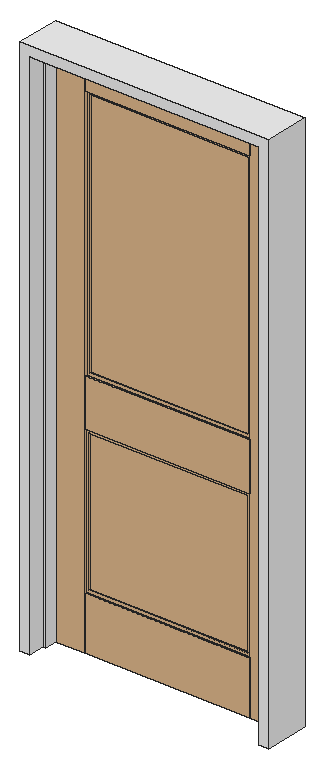
Revit family
Parameters (values of type "1 3/8" Flat Panel")
  URL = "http://www.karonadoor.com"
  Thickness Note = "Do not edit thickness."  # constant formula
  Thickness = 1.334"
  Swing Angle 2D = 90.00°
  SmartBIM Object Version = 1.1  # constant formula
  SmartBIM Object Created By = "Reed Construction Data"  # constant formula
  Rough Width = 0.000"
  Rough Height = 0.000"
  Panel = Panel_K4010_Karona : 1 3/8" - Flat Panel
  Model = "K4010 Mission"  # constant formula
  Manufacturer = "Karona , Inc."  # constant formula
  Detail Door Thickness = 1.375"
  Assembly Code = ""
  Top Rail Height = 5.000"
  Top Rail = Wood, Cherry - Grain Horizontal
  Stile Width = 5.063"
  Stile = Wood, Cherry - Grain Vertical
  Sticking = Wood, Cherry - Grain Vertical
  Middle Rail = Wood, Cherry - Grain Horizontal
  Height = 84.000"
  Wall Closure = (empty or 0)
  Width = 36.000"
  Frame = Metal
  Bottom Rail Height = 8.500"
  Bottom Rail = Wood, Cherry - Grain Horizontal
  95 CSI = "08210"  # constant formula
  04 CSI = "08 14 33"  # constant formula
Types (9): name | Thickness | Rough Height | Panel | Detail Door Thickness
  1 3/4" Flat Panel | 1.774" | 1.750" | Panel_K4010_Karona : 1 3/4" - Flat Panel | 1.750"
  1 3/8" Flat Panel | 1.334" | 0.000" | Panel_K4010_Karona : 1 3/8" - Flat Panel | 1.375"
  2 1/4" Flat Panel | 2.250" | 0.000" | Panel_K4010_Karona : 2 1/4" - Flat Panel | 2.250"
  1 3/4" Glass Panel | 1.774" | 1.750" | Panel_K4010_Karona : 1 3/4" - Glass Panel | 1.750"
  1 3/8" Glass Panel | 1.334" | 0.000" | Panel_K4010_Karona : 1 3/8" - Glass Panel | 1.375"
  2 1/4" Glass Panel | 2.250" | 0.000" | Panel_K4010_Karona : 2 1/4" - Glass | 2.250"
  1 3/4" Raised Panel | 1.774" | 1.750" | Panel_K4010_Karona : 1 3/4" - Raised Panel | 1.750"
  1 3/8" Raised Panel | 1.334" | 0.000" | Panel_K4010_Karona : 1 3/8" - Raised Panel | 1.375"
  2 1/4" Raised Panel | 2.250" | 0.000" | Panel_K4010_Karona : 2 1/4" - Raised Panel | 2.250"
Reference planes (in)
  plane 1 "Center (Front/Back)": y = 0
  plane 2 "Center (Left/Right)": x = 0
  plane 3 "Left": x = -18
  plane 4 "Right": x = 18
  plane 5 "Top": z = 84
  plane 6 "Exterior Edge of Frame": y = 3.5
  plane 7 "Interior Edge of Frame": y = -3.5
  plane 8: y = 1
  plane 9: y = -1
  plane 10 "Opening Left": x = -19.5
  plane 11 "Opening Right": x = 19.5
  plane 12 "Top of Opening": z = 85.5
  plane 13: x = -17.5
Forms (in)
  Sweep 1, solid, material "Metal" <- "Frame"
    path origin (0, 0, 0) x (1, 0, 0) y (0, 0, 1)
      loop
        line (-19.5, 0) -> (-19.5, 85.5) -> (19.5, 85.5) -> (19.5, 0)
    profile origin (-19.5, 0, 42.75) x (-1, 0, 0) y (0, -1, 0)
      loop
        line (0, -3.5) -> (0, 3.5) -> (-1.5, 3.5) -> (-1.5, 1) -> (-2, 1) -> (-2, -1) -> (-1.5, -1) -> (-1.5, -3.5) -> (0, -3.5)
Lines and regions (in)
  Opening 1
    outline origin (-90, -3, 0) x (1, 0, 0) y (0, 0, 1)
      loop
        line (70.5, 0) -> (109.5, 0) -> (109.5, 85.5) -> (70.5, 85.5) -> (70.5, 0)
  symbolic lines, style "Elevation Swing"
    curve 1: line (18, 3, 0) -> (-18, 3, 42)
    curve 2: line (-18, 3, 42) -> (18, 3, 84)
Text (in)
  text "Exterior" at (-46.13199, 20.20143, 0), in view "Ref. Level"
  text "Interior" at (-46.13199, -10.56751, 0), in view "Ref. Level"
  text "Exterior" at (0, 40.15149, 123.01588), in view "Right"
  text "Interior" at (0, -64.39139, 123.01588), in view "Right"
  text "Interior" at (0, -31.01599, 123.00693), in view "Left"
  text "Exterior" at (0, 54.57065, 123.00693), in view "Left"
Dimensions and locks (in)
  "Height": level to plane 5 "Top"
  "Width": plane 3 "Left" to plane 4 "Right"
  equal spacing: host wall, curve 2, plane 5 "Top"
  locked: host wall to plane 7 "Interior Edge of Frame" at 0.5
  locked: plane 6 "Exterior Edge of Frame" to host wall at 0.5
  locked: plane 9 to plane 7 "Interior Edge of Frame" at 2.5
  locked: plane 6 "Exterior Edge of Frame" to plane 8 at 2.5
  equal spacing: plane 3 "Left", plane 2 "Center (Left/Right)", plane 4 "Right"
  locked: plane 4 "Right" to plane 11 "Opening Right" at 1.5
  locked: plane 5 "Top" to plane 12 "Top of Opening" at 1.5
  locked: plane 3 "Left" to plane 13 at 0.5
  locked: plane 10 "Opening Left" to plane 3 "Left" at 1.5
  aligned and locked: Opening 1 sketch curve to level
  aligned and locked: plane 4 "Right" to curve 1
  aligned and locked: plane 3 "Left" to curve 1
  aligned and locked: plane 5 "Top" to curve 2
  aligned and locked: Opening 1 sketch curve to plane 11 "Opening Right"
  aligned and locked: plane 12 "Top of Opening" to Opening 1 sketch curve
  aligned and locked: Opening 1 sketch curve to plane 10 "Opening Left"
  aligned and locked: plane 10 "Opening Left" to Sweep 1 sketch curve
  aligned and locked: plane 12 "Top of Opening" to Sweep 1 sketch curve
  aligned and locked: plane 11 "Opening Right" to Sweep 1 sketch curve
  aligned and locked: level to Sweep 1 sketch curve  (x2)
  aligned and locked: Sweep 1 sketch curve to plane 10 "Opening Left"
  aligned and locked: Sweep 1 sketch curve to plane 6 "Exterior Edge of Frame"
  aligned and locked: Sweep 1 sketch curve to plane 7 "Interior Edge of Frame"
  aligned and locked: Sweep 1 sketch curve to plane 8
  aligned and locked: Sweep 1 sketch curve to plane 9
  aligned and locked: plane 13 to Sweep 1 sketch curve
  aligned and locked: plane 3 "Left" to Sweep 1 sketch curve  (x2)
  aligned and locked: nested 1 to plane 2 "Center (Left/Right)"
  aligned and locked: nested 2 to plane 3 "Left"
  aligned and locked: nested 2 to plane 8
  aligned and locked: nested 1 to plane 8
Automatic sketch dimensions
  curve 1 to level = 0.000"
  curve 2 to plane 4 "Right" = 0.000"
Nested families (in)
  nested 1: "Panel_K4010_Karona" at (-13.5, 0.5595, 0) x (-1, 0, 0) z (0, 0, 1), type <- "Panel", type "1 3/8" - Flat Panel"
    with Stile Width 5.063", Panel Width 25.874"
  nested 2: "Door Panel Plan View" at (-31.5, 1, 0) x (-1, 0, 0) z (0, 0, 1), type "Door Panel Plan View"
    with Thickness 1.375", Height 84.000"
Definition of nested family "Panel_K4010_Karona"
  Parameters (values of type "1 3/4" - Flat Panel")
    Width = 36.000"
    Top Rail Material = Wood, Cherry - Grain Horizontal
    Top Rail Height = 5.000"
    Top Panel Offset = 27.175"
    Thickness Note = "Do not change door thickness"  # constant formula
    Thickness = 1.774"
    Stile Width = 5.063"
    Stile Material = Wood, Cherry - Grain Vertical
    Sticking Material = Wood, Cherry - Grain Vertical
    Panel Width = (Width - (2 * Stile Width))  # 25.874"
    Panel Height = (Height - (Bottom Rail Height + Top Rail Height + Bottom Panel Height + Lock Rail Width))  # 40.000"
    Panel = Glass-Sticking-Assembly-Mission_Karona : Flat Panel
    Lock Rail Width = 7.500"
    Lock Rail Height = 39.000"
    Interior Panel = Wood, Cherry - Grain Vertical
    Height = 84.000"
    Exterior Edge - Glass Bottom Offset = if(Thickness = 1.774", 0.567", if(Thickness = 2.250", 0.803", 0.469"))  # 0.567"
    Door Panel Material = Wood, Cherry - Grain Vertical
    Default Elevation = 0.000"  # constant formula
    Bottom Rail Material = Wood, Cherry - Grain Horizontal
    Bottom Rail Height = 8.500"
    Bottom Panel Height = Lock Rail Height - (Bottom Rail Height + Lock Rail Width)  # 23.000"
    Assembly Code = ""
  Types (9): name | Top Panel Offset | Thickness | Stile Width | Panel Width | Panel | Interior Panel | Exterior Edge - Glass Bottom Offset
    2 1/4" - Flat Panel | 27.250" | 2.250" | 5.250" | 25.500" | Glass-Sticking-Assembly-Mission_Karona : Flat Panel | Wood, Cherry - Grain Vertical | 0.803"
    2 1/4" - Glass | 27.175" | 2.250" | 5.250" | 25.500" | Glass-Sticking-Assembly-Mission_Karona : Glass Panel | Glass | 0.803"
    2 1/4" - Raised Panel | 27.175" | 2.250" | 5.250" | 25.500" | Glass-Sticking-Assembly-Mission_Karona : Raised Panel | Wood, Cherry - Grain Vertical | 0.803"
    1 3/4" - Raised Panel | 27.175" | 1.774" | 5.250" | 25.500" | Glass-Sticking-Assembly-Mission_Karona : Raised Panel | Wood, Cherry - Grain Vertical | 0.567"
    1 3/4" - Flat Panel | 27.175" | 1.774" | 5.063" | 25.874" | Glass-Sticking-Assembly-Mission_Karona : Flat Panel | Wood, Cherry - Grain Vertical | 0.567"
    1 3/4" - Glass Panel | 27.175" | 1.774" | 5.250" | 25.500" | Glass-Sticking-Assembly-Mission_Karona : Glass Panel | Glass | 0.567"
    1 3/8" - Raised Panel | 27.175" | 1.334" | 5.250" | 25.500" | Glass-Sticking-Assembly-Mission_Karona : Raised Panel | Wood, Cherry - Grain Vertical | 0.469"
    1 3/8" - Glass Panel | 27.175" | 1.334" | 5.250" | 25.500" | Glass-Sticking-Assembly-Mission_Karona : Glass Panel | Glass | 0.469"
    1 3/8" - Flat Panel | 27.175" | 1.334" | 5.250" | 25.500" | Glass-Sticking-Assembly-Mission_Karona : Flat Panel | Wood, Cherry - Grain Horizontal | 0.469"
  Reference planes (in)
    plane 1 "Center (Front/Back)": y = 1.2295
    plane 2: z = 0
    plane 3 "Center (Left/Right)": x = -13.5
    plane 4 "Left": x = -31.5
    plane 5: x = 4.5
    plane 6 "Inner Left": x = -26.437
    plane 7 "Inner Right": x = -0.563
    plane 8: z = 8.5
    plane 9 "Bottom Of Top Rail": z = 79
    plane 10 "Top": z = 84
    plane 11 "Interior Edge of Door": y = 2.1165
    plane 12: z = 79
    plane 13 "Exterior Edge of Door": y = 0.3425
    plane 14 "Bottom of Glass": y = 0.9095
    plane 15 "Cross Rail Bottom": z = 42
    plane 16: z = 39
    plane 17: z = 31.5
    plane 18: z = 35.25
    plane 19: z = 20
  Forms (in)
    Extrusion 1, solid, material "Wood, Cherry - Grain Horizontal" <- "Bottom Rail Material"
      sketch origin (0, -101.3125, 0) x (1, 0, 0) y (0, 0, 1)
        loop
          line (-26.437, 0) -> (-0.563, 0) -> (-0.563, 8.5) -> (-26.437, 8.5) -> (-26.437, 0)
      from -103.429 to -101.655
    Extrusion 2, solid, material "Wood, Cherry - Grain Vertical" <- "Stile Material"
      sketch origin (0, 1.2295, 0) x (1, 0, 0) y (0, 0, 1)
        loop
          line (-31.5, 84) -> (-31.5, 0) -> (-26.437, 0) -> (-26.437, 84) -> (-31.5, 84)
        loop
          line (-0.563, 0) -> (4.5, 0) -> (4.5, 84) -> (-0.563, 84) -> (-0.563, 0)
      from -0.887 to 0.887
    Extrusion 3, solid, material "Wood, Cherry - Grain Horizontal" <- "Top Rail Material"
      sketch origin (0, 1.2295, 0) x (1, 0, 0) y (0, 0, 1)
        loop
          line (-26.437, 84) -> (-26.437, 79) -> (-0.563, 79) -> (-0.563, 84) -> (-26.437, 84)
      from -0.887 to 0.887
    Extrusion 4, solid, material "Wood, Cherry - Grain Horizontal" <- "Bottom Rail Material"
      sketch origin (0, 1.2295, 0) x (1, 0, 0) y (0, 0, 1)
        loop
          line (-26.437, 39) -> (-26.437, 31.5) -> (-0.563, 31.5) -> (-0.563, 39) -> (-26.437, 39)
      from -0.887 to 0.887
  Text (in)
    text "EXTERIOR" at (-34.59289, -1.27941, 0), in view "Ref. Level"
    text "EXTERIOR" at (0, -9.65287, 72.76687), in view "Left"
    text "EXTERIOR" at (0, -33.33473, 96.68074), in view "Right"
  Dimensions and locks (in)
    equal spacing: plane 4 "Left", plane 3 "Center (Left/Right)", plane 5
    "Width": plane 4 "Left" to plane 5
    "Stile Width": plane 4 "Left" to plane 6 "Inner Left"
    "Stile Width": plane 5 to plane 7 "Inner Right"
    "Bottom Rail Height": plane 8 to plane 2
    "Top Rail Height": plane 10 "Top" to plane 9 "Bottom Of Top Rail"
    "Height": plane 10 "Top" to plane 2
    equal spacing: plane 11 "Interior Edge of Door", plane 1 "Center (Front/Back)", plane 13 "Exterior Edge of Door"
    "Thickness": plane 11 "Interior Edge of Door" to plane 13 "Exterior Edge of Door"
    "Exterior Edge - Glass Bottom Offset": plane 14 "Bottom of Glass" to plane 13 "Exterior Edge of Door"
    "Exterior Edge - Glass Bottom Offset": plane 13 "Exterior Edge of Door" to plane 14 "Bottom of Glass"
    equal spacing: plane 10 "Top", plane 15 "Cross Rail Bottom", level
    "Lock Rail Width": plane 16 to plane 17
    equal spacing: plane 16, plane 18, plane 17
    "Lock Rail Height": plane 16 to level
    equal spacing: plane 17, plane 19, plane 8
    aligned and locked: Extrusion 1 to plane 2
    aligned and locked: plane 11 "Interior Edge of Door" to Extrusion 1
    aligned and locked: plane 4 "Left" to Extrusion 2 sketch curve
    aligned and locked: Extrusion 2 sketch curve to plane 10 "Top"
    aligned and locked: Extrusion 2 sketch curve to Extrusion 1  (x3)
    aligned and locked: Extrusion 1 to Extrusion 2 sketch curve
    aligned and locked: plane 10 "Top" to Extrusion 2 sketch curve
    aligned and locked: plane 5 to Extrusion 2 sketch curve
    aligned and locked: plane 11 "Interior Edge of Door" to Extrusion 2
    aligned and locked: Extrusion 2 to Extrusion 3 sketch curve
    aligned and locked: Extrusion 3 sketch curve to Extrusion 2
    aligned and locked: plane 11 "Interior Edge of Door" to Extrusion 3
    aligned and locked: plane 12 to plane 9 "Bottom Of Top Rail"
    aligned and locked: level to plane 2
    aligned and locked: Extrusion 3 to plane 13 "Exterior Edge of Door"
    aligned and locked: Extrusion 3 to plane 11 "Interior Edge of Door"
    aligned and locked: Extrusion 2 to plane 13 "Exterior Edge of Door"
    aligned and locked: Extrusion 3 to plane 12
    aligned and locked: Extrusion 1 to Extrusion 2
    aligned and locked: nested 1 to plane 1 "Center (Front/Back)"
    aligned and locked: plane 3 "Center (Left/Right)" to nested 2
    aligned and locked: plane 3 "Center (Left/Right)" to nested 1
    aligned and locked: nested 2 to plane 16
    aligned and locked: Extrusion 4 sketch curve to plane 16
    aligned and locked: Extrusion 4 sketch curve to plane 17
    aligned and locked: Extrusion 4 sketch curve to plane 6 "Inner Left"
    aligned and locked: Extrusion 4 sketch curve to plane 7 "Inner Right"
    aligned and locked: plane 11 "Interior Edge of Door" to Extrusion 4
    aligned and locked: Extrusion 4 to plane 13 "Exterior Edge of Door"
    aligned and locked: plane 19 to nested 1
  Automatic sketch dimensions
    Extrusion 1 sketch curve to plane 6 "Inner Left" = 0.000"
    Extrusion 1 sketch curve to plane 7 "Inner Right" = 0.000"
    Extrusion 1 sketch curve to level = 0.000"
    Extrusion 1 sketch curve to plane 8 = 0.000"
    Extrusion 3 sketch curve to plane 7 "Inner Right" = 0.000"
    plane 9 "Bottom Of Top Rail" to Extrusion 3 sketch curve = 0.000"
  Nested families (in)
    nested 1: "Glass-Sticking-Assembly-Mission_Karona" at (-13.96875, 1.38, 8.5), Width <- "Panel Width", Height <- "Bottom Panel Height", type <- "Panel", type "Flat Panel"
      with Width 25.874", Height 23.000", Stop Adjustment 0.513", Door Thickness 1.774", C 0.200", B 0.567", A 0.197"
    nested 2: "Glass-Sticking-Assembly-Mission_Karona" at (-13.96875, 1.3804, 39), Width <- "Panel Width", Height <- "Panel Height", type <- "Panel", type "Flat Panel"
      with Width 25.874", Height 40.000", Stop Adjustment 0.513", Door Thickness 1.774", C 0.200", B 0.567", A 0.197"
  Definition of nested family "Glass-Sticking-Assembly-Mission_Karona"
    Parameters (values of type "Glass Panel")
      Width [instance] = 19.000"
      Stop Adjustment = if(and(not(Glass Panel), Door Thickness = 1.774"), 0.513", if(and(not(Glass Panel), Door Thickness = 2.250"), 0.513", if((Glass Panel), 0.125", 0.273")))  # 0.125"
      Profile = Wood, Cherry - Grain Vertical
      Height [instance] = 23.000"
      Raised Panel = no
      Interior Panel = Wood, Cherry - Grain Vertical
      Glass Panel = yes
      Door Thickness = 2.250"
      C = if(Door Thickness = 1.774", 0.200", if(Door Thickness = 2.250", 0.439", 0.191"))  # 0.439"
      B = if(Door Thickness = 1.774", 0.567", if(Door Thickness = 2.250", 0.803", 0.469"))  # 0.803"
      Assembly Code = ""
      A = if(Door Thickness = 1.774", 0.197", if(Door Thickness = 2.250", 0.433", 0.194"))  # 0.433"
    Types (3): name | Width | Stop Adjustment | Height | Raised Panel | Glass Panel | Door Thickness | C | B | A
      Glass Panel | 19.000" | 0.125" | 23.000" | no | yes | 2.250" | 0.439" | 0.803" | 0.433"
      Flat Panel | 4.500" | 0.273" | 23.000" | no | no | 1.334" | 0.191" | 0.469" | 0.194"
      Raised Panel | 4.000" | 0.513" | 4.000" | yes | no | 2.250" | 0.439" | 0.803" | 0.433"
    Reference planes (in)
      plane 1 "Stop Adjustment Edge": y = -0.3455
      plane 2: z = 0
      plane 3 "Center (Left/Right)": x = 0.46875
      plane 4 "Back": y = 0.9765
      plane 5 "Front": y = -1.2735
      plane 6 "Left": x = -9.03125
      plane 7 "Right": x = 9.96875
      plane 8 "Top": z = 23
      plane 9 "Center (Up/Down)": z = 11.5
      plane 10 "Bottom of Stop": y = -0.2205
      plane 11 "Bottom of Glass": y = -0.4705
      plane 12 "Right Edge of Glass": x = 9.91875
      plane 13 "Left Edge of Glass": x = -8.98125
      plane 14 "Top Edge of Glass": z = 22.90625
      plane 15 "Bottom Edge of Glass": z = 0.09375
      plane 16: x = 9.84375
      plane 17: x = 9.40625
      plane 18 "A": y = -0.8405
      plane 19 "C": y = 0.5375
      plane 20: z = 0.438
      plane 21: z = 22.562
      plane 22: x = -8.59325
      plane 23: x = 9.53075
      plane 24 "Center (Front/Back)": y = -0.1485
    Forms (in)
      Sweep 1, solid, material "Wood, Cherry - Grain Vertical" <- "Profile"
        path origin (0, -0.3455, 0) x (1, 0, 0) y (0, 0, 1)
          loop
            line (9.96875, 23) -> (-9.03125, 23) -> (-9.03125, 0) -> (9.96875, 0) -> (9.96875, 23)
        profile origin (9.96875, -0.3455, 11.5) x (0, -1, 0) y (1, 0, 0)
          loop
            line (-0.883, 0) -> (-0.883, -0.438) -> (-0.125, -0.438) -> (-0.125, -0.05) -> (0.125, -0.05) -> (0.125, -0.438) -> (0.495, -0.438) -> (0.495, 0) -> (-0.883, 0)
      Extrusion 2, solid, material "Wood, Cherry - Grain Vertical" <- "Interior Panel"
        sketch origin (0, 0, 0) x (1, 0, 0) y (0, 1, 0)
          loop
            line (-8.98125, -0.2205) -> (-8.98125, -0.4705) -> (9.91875, -0.4705) -> (9.91875, -0.2205) -> (-8.98125, -0.2205)
        from 0.09375 to 22.90625
      Extrusion 3, solid, material "Wood, Cherry - Grain Vertical" <- "Profile", visible <- "Raised Panel"
        sketch origin (0, 0, 0) x (1, 0, 0) y (0, 1, 0)
          loop
            line (9.53075, 0.5375) -> (-8.59325, 0.5375) -> (-8.59325, -0.2205) -> (9.53075, -0.2205) -> (9.53075, 0.5375)
          loop
            line (-8.59325, -0.4705) -> (-8.59325, -0.8405) -> (9.53075, -0.8405) -> (9.53075, -0.4705) -> (-8.59325, -0.4705)
        from 0.438 to 22.562
      Sweep 4, void
        path origin (0, -0.2205, 0) x (-1, 0, 0) y (0, 0, 1)
          loop
            line (9.03125, 0) -> (9.03125, 23) -> (-9.96875, 23) -> (-9.96875, 0) -> (9.03125, 0)
        profile "Profile : 05" origin (-9.03125, -0.2205, 11.5) x (1, 0, 0) y (0, 1, 0)
          loop
            line (0, 0.05) -> (0.36169, 0.05096)
            arc (0.36169, 0.05096) -> (1.01257, 0.13642) -> (1.61934, 0.387) r 2.52143
            line (1.61934, 0.387) -> (0, 0.387) -> (0, 0.05)
      Sweep 5, void
        path origin (0, -0.4705, 0) x (-1, 0, 0) y (0, 0, 1)
          loop
            line (-9.96875, 23) -> (-9.96875, 0) -> (9.03125, 0) -> (9.03125, 23) -> (-9.96875, 23)
        profile "Profile : 05" origin (9.96875, -0.4705, 11.5) x (-1, 0, 0) y (0, 1, 0)
          loop
            line (0, -0.05) -> (0, -0.387) -> (1.61934, -0.387)
            arc (1.61934, -0.387) -> (1.01257, -0.13642) -> (0.36169, -0.05096) r 2.52143
            line (0.36169, -0.05096) -> (0, -0.05)
    Cuts and joins
      Sweep 4, Sweep 5 cuts Extrusion 3
    Text (in)
      text "INTERIOR" at (-14.3788, 3.49864, 0), in view "Ref. Level"
    Dimensions and locks (in)
      equal spacing: plane 6 "Left", plane 3 "Center (Left/Right)", plane 7 "Right"
      "Width": plane 6 "Left" to plane 7 "Right"
      "Door Thickness": plane 4 "Back" to plane 5 "Front"
      "Height": plane 8 "Top" to plane 2
      equal spacing: plane 8 "Top", plane 9 "Center (Up/Down)", level
      locked: plane 1 "Stop Adjustment Edge" to plane 11 "Bottom of Glass" at 0.125
      "Stop Adjustment": plane 10 "Bottom of Stop" to plane 1 "Stop Adjustment Edge"
      locked: plane 12 "Right Edge of Glass" to plane 7 "Right" at 0.05
      locked: plane 8 "Top" to plane 14 "Top Edge of Glass" at 0.09375
      locked: plane 15 "Bottom Edge of Glass" to level at 0.09375
      locked: plane 6 "Left" to plane 13 "Left Edge of Glass" at 0.05
      "B": plane 5 "Front" to plane 11 "Bottom of Glass"
      locked: plane 16 to plane 7 "Right" at 0.125
      "A": plane 5 "Front" to plane 18 "A"
      "C": plane 19 "C" to plane 4 "Back"
      plane 4 "Back" to Sweep 1 = 1.197"
      locked: plane 20 to level at 0.438
      locked: plane 8 "Top" to plane 21 at 0.438
      locked: plane 6 "Left" to plane 22 at 0.438
      locked: plane 23 to plane 7 "Right" at 0.438
      equal spacing: plane 4 "Back", plane 24 "Center (Front/Back)", plane 5 "Front"
      aligned and locked: Sweep 1 sketch curve to plane 7 "Right"
      aligned and locked: Sweep 1 sketch curve to plane 8 "Top"
      aligned and locked: Sweep 1 sketch curve to plane 6 "Left"
      aligned and locked: Sweep 1 sketch curve to level
      aligned and locked: plane 7 "Right" to Sweep 1 sketch curve
      aligned and locked: plane 10 "Bottom of Stop" to Sweep 1 sketch curve
      aligned and locked: plane 11 "Bottom of Glass" to Sweep 1 sketch curve
      aligned and locked: plane 18 "A" to Sweep 1 sketch curve
      aligned and locked: Sweep 1 sketch curve to plane 19 "C"
      aligned and locked: Extrusion 2 sketch curve to plane 13 "Left Edge of Glass"
      aligned and locked: Extrusion 2 sketch curve to plane 10 "Bottom of Stop"
      aligned and locked: Extrusion 2 sketch curve to plane 11 "Bottom of Glass"
      aligned and locked: Extrusion 2 sketch curve to plane 12 "Right Edge of Glass"
      aligned and locked: plane 14 "Top Edge of Glass" to Extrusion 2
      aligned and locked: Extrusion 2 to plane 15 "Bottom Edge of Glass"
      aligned and locked: Extrusion 3 sketch curve to plane 19 "C"
      aligned and locked: Extrusion 3 sketch curve to plane 10 "Bottom of Stop"
      aligned and locked: Extrusion 3 sketch curve to plane 11 "Bottom of Glass"
      aligned and locked: Extrusion 3 sketch curve to plane 18 "A"
      aligned and locked: Extrusion 3 to plane 20
      aligned and locked: Extrusion 3 to plane 21
      aligned and locked: plane 12 "Right Edge of Glass" to Sweep 1 sketch curve
      aligned and locked: plane 23 to Extrusion 3 sketch curve  (x2)
      aligned and locked: Extrusion 3 sketch curve to plane 22  (x2)
      aligned and locked: plane 23 to Sweep 1 sketch curve  (x2)
      aligned and locked: Sweep 5 sketch curve to plane 6 "Left"
      aligned and locked: plane 8 "Top" to Sweep 5 sketch curve
      aligned and locked: Sweep 5 sketch curve to plane 7 "Right"
      aligned and locked: level to Sweep 5 sketch curve
      aligned and locked: Sweep 4 sketch curve to plane 7 "Right"
      aligned and locked: plane 8 "Top" to Sweep 4 sketch curve
      aligned and locked: Sweep 4 sketch curve to plane 6 "Left"
      aligned and locked: level to Sweep 4 sketch curve
Definition of nested family "Door Panel Plan View"
  Parameters (values of type "Door Panel Plan View")
    Width = 36.000"
    Thickness = 2.000"
    Swing Angle 2D = 90.00°
    Height = 0.000"
    Assembly Code = ""
  Reference planes (in)
    plane 1 "Center (Front/Back)": y = 0
    plane 2: z = 0
    plane 3 "Center (Left/Right)": x = -13.5
  Lines and regions (in)
    symbolic lines, style "DoorsPanelProjection"
      curve 1: line (-13.5, 0, 0) -> (-13.5, 36, 0)
      curve 2: line (-15.5, 0, 0) -> (-15.5, 36, 0)
      curve 3: line (-13.5, 0, 0) -> (-15.5, 0, 0)
      curve 4: line (-13.5, 36, 0) -> (-15.5, 36, 0)
    symbolic lines, style "Plan Swing"
      curve 5: arc (-13.5, 36, 0) -> (-38.95584, 25.45584, 0) -> (-49.5, 0, 0) r 36
  Dimensions and locks (in)
    "Width": curve 4 to curve 3
    "Thickness": curve 1 to curve 2
    "Swing Angle 2D": angle curve 1 to plane 1 "Center (Front/Back)"
    aligned and locked: plane 1 "Center (Front/Back)" to curve 5
  Automatic sketch dimensions
    curve 3 to plane 1 "Center (Front/Back)" = 0.000"
    curve 5 to plane 3 "Center (Left/Right)" = 0.000"
    curve 3 to plane 3 "Center (Left/Right)" = 0.000"
